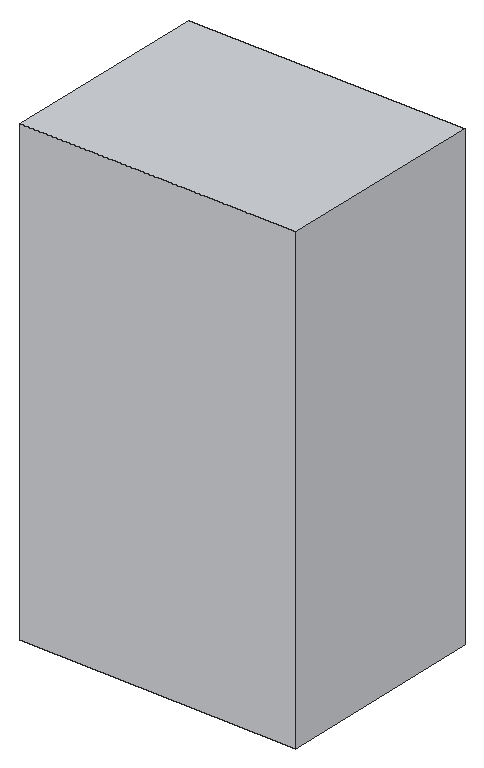
Revit family
Parameters
  Warranty Duration (Years) = 0
  Unit Length [instance] = 1' - 6"
  Unit Depth [instance] = 0' - 6"
  URL = "http://www.americanspecialties.com/viewCategories.cfm"
  Test Data = ""
  Specification = "http://www.arcat.com/sdspecs/htm/10810asi.htm"
  SpecWizard = ""
  Trim Material = Metal - Stainless Steel
  Send Message = "http://www.arcat.com/users.pl?action=UserEmail&company=American%20Specialties,%20Inc.&coid=30448&rep=139&fax=914-476-0688&mf="
  Sales Information = "http://www.americanspecialties.com/contact"
  Revision = "R1_10-2010"
  Product Properties = "http://www.americanspecialties.com/datasheets/0692.pdf"
  Product Data = "http://www.arcat.com/arcatcos/cos30/arc30448.html"
  Model = "As Specified in 10 28 13"
  Manufacturer Website = "http://www.americanspecialties.com/viewCategories.cfm"
  Manufacturer Phone - Toll Free = ""
  Manufacturer Phone = "914-476-9000 "
  Manufacturer Fax = "914-476-0688"
  Manufacturer Address = "441 Saw Mill River Rd., Yonkers, NY 10701"
  Manufacturer = "American Specialties, Inc."
  Maintenance Schedule (Months) = 0
  Keynote = "10 28 13"
  Installation-Fabrication = "http://www.americanspecialties.com/products.cfm"
  Green Building-LEED = ""
  Expected Lifespan (Years) = 0
  Drawn By = "Robert S. Weygant. CSI, CDT, SCIP"  # constant formula
  Description = "Toilet Accessory as Specified in 10 28 13"
  Default Elevation = 4' - 0"
  Copyright = "©Arcat Inc."
  Construction Details = "http://www.arcat.com/green/clients/leed_data_30448.html"
  Building Codes = "http://www.americanspecialties.com/products.cfm"
  Body Material = Metal - Stainless Steel
  Assembly Code = "C1030210"
Reference planes (in)
  plane 1 "Center (Front/Back)": y = -0.29112
  plane 2 "Floor Line": z = 0
  plane 3 "Center (Left/Right)": x = -0.65843
  plane 4: x = -9.65843
  plane 5: x = 8.34157
  plane 6: z = 0.4375
  plane 7: z = 0
  plane 8: z = 0.6875
  plane 9: z = 5.3125
  plane 10: z = 5.5625
  plane 11: z = 6
  plane 12: x = 5.34157
  plane 13: x = 6.34157
  plane 14: x = -6.65843
  plane 15: x = -7.65843
  plane 16: x = 6.27907
  plane 17: x = -7.59593
  plane 18: y = -0.35362
  plane 19: x = -9.59593
  plane 20: x = 8.27907
  plane 21: z = 0.0625
  plane 22: z = 5.9375
Forms (in)
  Extrusion 1, solid
    sketch origin (-3, -9, -6) x (0, 0, -1) y (1, 0, 0)
      loop
        line (-82, 26) -> (-82, -19.34712) -> (-6, -19.34712) -> (-6, 26) -> (-82, 26)
    from 9 to -25.60721
  Extrusion 2, solid, material "Metal - Stainless Steel" <- "Body Material"
    sketch origin (-0.65843, -0.29112, 2.48171) x (0, 0, -1) y (0, 1, 0)
      loop
        line (2.48171, 0) -> (-3.51829, 0) -> (-3.51829, -0.5) -> (2.48171, -0.5) -> (2.48171, 0)
    from -9 to 9
  Extrusion 3, solid, material "Metal - Stainless Steel" <- "Body Material"
    sketch origin (-0.65843, -1.14473, 0) x (0, -1, 0) y (0, 0, -1)
      loop
        line (-0.79112, 0) -> (-0.79112, -5.5625) -> (3.27138, 0) -> (-0.79112, 0)
    from 6.9375 to 7
  Extrusion 4, solid, material "Metal - Stainless Steel" <- "Body Material"
    sketch origin (-0.65843, -1.14473, 0) x (0, -1, 0) y (0, 0, -1)
      loop
        line (-0.79112, -5.5625) -> (-0.72862, -5.47692) -> (-0.72862, -0.0625) -> (3.22574, -0.0625) -> (3.27138, 0) -> (-0.79112, 0) -> (-0.79112, -5.5625)
    from 6 to 6.9375
  Extrusion 5, solid, material "Metal - Stainless Steel" <- "Body Material"
    sketch origin (-0.65843, -1.14473, 0) x (0, -1, 0) y (0, 0, 1)
      loop
        line (-0.79112, 0) -> (3.27138, 0) -> (-0.79112, 5.5625) -> (-0.79112, 0)
    from 6.9375 to 7
  Extrusion 6, solid, material "Metal - Stainless Steel" <- "Body Material"
    sketch origin (-0.65843, -1.14473, 0) x (0, -1, 0) y (0, 0, 1)
      loop
        line (-0.79112, 5.5625) -> (-0.79112, 0) -> (3.27138, 0) -> (3.22574, 0.0625) -> (-0.72862, 0.0625) -> (-0.72862, 5.47692) -> (-0.79112, 5.5625)
    from 6 to 6.9375
  Extrusion 7, void
    sketch origin (0, -0.29112, 0) x (1, 0, 0) y (0, 0, 1)
      loop
        line (-9.59593, 5.9375) -> (-9.59593, 0.0625) -> (8.27907, 0.0625) -> (8.27907, 5.9375) -> (-9.59593, 5.9375)
    from 0.0625 to 0.5
  Extrusion 8, void
    sketch origin (0, 0, 0) x (1, 0, 0) y (0, 1, 0)
      loop
        circle (-7.15843, -3.41612) r 0.10938
      loop
        circle (-7.15843, -1.35362) r 0.10938
      loop
        circle (5.84157, -3.41612) r 0.10938
      loop
        circle (5.84157, -1.35362) r 0.10938
    from 0 to 12
Cuts and joins
  Extrusion 7 cuts Extrusion 2
  Extrusion 8 cuts Extrusion 4
  Extrusion 8 cuts Extrusion 6
Dimensions and locks (in)
  equal spacing: plane 5, plane 3 "Center (Left/Right)", plane 4
  "Unit Length": plane 5 to plane 4
  "Unit Depth": plane 11 to level
  locked: plane 14 to plane 4 at 3
  locked: plane 12 to plane 5 at 3
  locked: plane 11 to plane 10 at 0.4375
  locked: plane 15 to plane 14 at 1
  locked: plane 12 to plane 13 at 1
  locked: plane 15 to plane 17 at 0.0625
  locked: plane 13 to plane 16 at 0.0625
  locked: plane 11 to plane 22 at 0.0625
  locked: plane 19 to plane 4 at 0.0625
  locked: plane 20 to plane 5 at 0.0625
  aligned and locked: Extrusion 2 to plane 4
  aligned and locked: Extrusion 2 to plane 5
  aligned and locked: Extrusion 3 to Extrusion 4 sketch curve  (x2)
  aligned and locked: Extrusion 4 sketch curve to Extrusion 3
  aligned and locked: Extrusion 4 to Extrusion 3
  aligned and locked: Extrusion 5 to Extrusion 6 sketch curve  (x2)
  aligned and locked: Extrusion 6 sketch curve to Extrusion 5
  aligned and locked: Extrusion 5 to Extrusion 6
  aligned and locked: Extrusion 6 to plane 18
  aligned and locked: Extrusion 5 to plane 18
  aligned and locked: Extrusion 4 to plane 18
  aligned and locked: Extrusion 3 to plane 18
  aligned and locked: Extrusion 7 sketch curve to plane 22
  aligned and locked: plane 21 to Extrusion 7 sketch curve
  aligned and locked: plane 20 to Extrusion 7 sketch curve
  aligned and locked: Extrusion 2 to Extrusion 7
  aligned and locked: Extrusion 7 to plane 18
  aligned and locked: plane 15 to Extrusion 5
  aligned and locked: Extrusion 5 to plane 17
  aligned and locked: plane 13 to Extrusion 3
  aligned and locked: Extrusion 3 to plane 16
  aligned and locked: plane 10 to Extrusion 4
  aligned and locked: plane 10 to Extrusion 6
  aligned and locked: plane 10 to Extrusion 5
  aligned and locked: plane 10 to Extrusion 3
  aligned and locked: Extrusion 5 to plane 15
  aligned and locked: plane 17 to cut or joined group of Extrusion 6, Extrusion 8
  aligned and locked: plane 17 to Extrusion 5
  aligned and locked: plane 14 to cut or joined group of Extrusion 6, Extrusion 8
  aligned and locked: plane 12 to cut or joined group of Extrusion 4, Extrusion 8
  aligned and locked: Extrusion 3 to plane 13
  aligned and locked: plane 16 to cut or joined group of Extrusion 4, Extrusion 8
  aligned and locked: plane 16 to Extrusion 3
Automatic sketch dimensions
  Extrusion 1 sketch curve to Extrusion 1 sketch curve = 6' - 4"
  Extrusion 1 sketch curve to Extrusion 1 sketch curve = 3' - 9.34712"
  Extrusion 2 sketch curve to plane 1 "Center (Front/Back)" = 0' - 0"
  Extrusion 2 sketch curve to plane 11 = 0' - 0"
  Extrusion 2 sketch curve to level = 0' - 0"
  Extrusion 2 sketch curve to Extrusion 2 sketch curve = 0' - 0 1/2"
  Extrusion 3 sketch curve to plane 10 = 0' - 0"
  Extrusion 3 sketch curve to level = 0' - 0"
  plane 1 "Center (Front/Back)" to Extrusion 3 sketch curve = 0' - 0 1/16"
  plane 1 "Center (Front/Back)" to Extrusion 3 sketch curve = 0' - 4 1/8"
  Extrusion 4 sketch curve to Extrusion 4 sketch curve = 0' - 0 1/16"
  level to Extrusion 4 sketch curve = 0' - 0 1/16"
  plane 1 "Center (Front/Back)" to Extrusion 4 sketch curve = 0' - 4.07935"
  Extrusion 4 sketch curve to Extrusion 4 sketch curve = 0' - 0.04565"
  Extrusion 5 sketch curve to plane 10 = 0' - 0"
  Extrusion 5 sketch curve to level = 0' - 0"
  plane 1 "Center (Front/Back)" to Extrusion 5 sketch curve = 0' - 0 1/16"
  plane 1 "Center (Front/Back)" to Extrusion 5 sketch curve = 0' - 4 1/8"
  Extrusion 6 sketch curve to Extrusion 6 sketch curve = 0' - 0 1/16"
  level to Extrusion 6 sketch curve = 0' - 0 1/16"
  plane 1 "Center (Front/Back)" to Extrusion 6 sketch curve = 0' - 4.07935"
  Extrusion 6 sketch curve to Extrusion 6 sketch curve = 0' - 0.04565"
  Extrusion 7 sketch curve to plane 19 = 0' - 0"
  Extrusion 8 sketch curve to plane 17 = 0' - 0 7/16"  (x2)
  Extrusion 8 sketch curve to plane 16 = 0' - 0 7/16"  (x2)
  plane 18 to Extrusion 8 sketch curve = 0' - 3 1/16"  (x2)
  plane 18 to Extrusion 8 sketch curve = 0' - 1"  (x2)
  radius of Extrusion 8 sketch curve = 0' - 0 7/64"  (x4)
